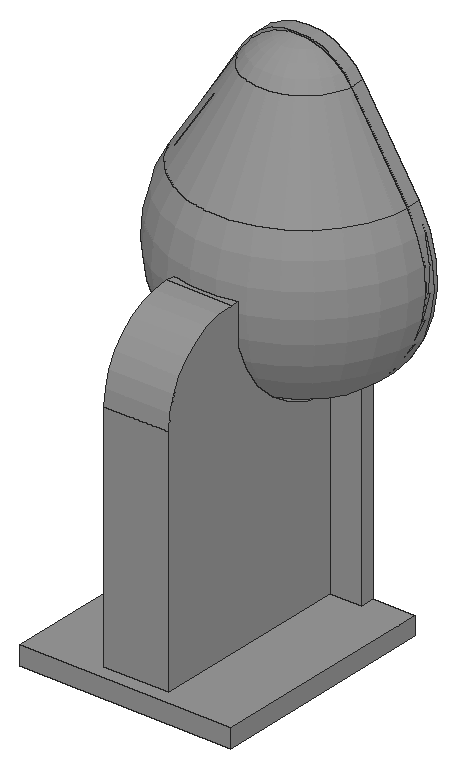
Revit family "Toilet-Willoughby-1490-HET-ETWS-CM-TS", category Plumbing Fixtures, host Face, Revit 2014
Parameters (values of type "Standard")
  Waste DIA = 2 1/2"
  Waste Connection = yes
  W-RAD [instance] = Waste DIA / 2  # 0' - 1 1/4"
  Vent Connection = no
  URL = "www.willoughby-ind.com"
  Type Comments = "Siphon Jet Flush"
  Revision = "A"
  Model = "ETWS-1490-HET-CM-TS"
  Manufacturer = "Willoughby Industries"
  HW Connection = no
  Flush inlet DIA = 1 1/2"
  Flush Inlet Connection = yes
  Fixture Body = Stainless Steel AISI 304-Willoughby
  F-RAD [instance] = Flush inlet DIA / 2  # 0' - 0 3/4"
  Description = "Carrier Mounted Toilet"
  Default Elevation = 0' - 0"
  Contact Number = "(800) 428-4065"
  CW Connection = no
Reference planes (in)
  plane 1 "Base": y = -16.25
  plane 2: z = 0
  plane 3 "Center": x = 18.31072
  plane 4 "Seat HGT": y = -1.25
  plane 5: y = -2.125
  plane 6: x = 16.56072
  plane 7: x = 20.06072
  plane 8: x = 12.56072
  plane 9: x = 24.06072
  plane 10: z = 2.70924
  plane 11: y = -10.75
  plane 12 "Unit Base Off Floor": y = -13.75
Forms (in)
  Extrusion 1, solid, material "Stainless Steel AISI 304-Willoughby" <- "Fixture Body"
    sketch origin (16.08109, 7.47968, -5.1422) x (-1, 0, 0) y (0, 0, -1)
      loop
        line (1.29775, -16.80087) -> (1.29775, -6.1422) -> (-5.72963, -6.1422) -> (-5.72963, -16.81676)
        arc (-5.72963, -16.81676) -> (-8.98136, -21.11843) -> (-8.21015, -26.45542) r 7
        line (-8.21015, -26.45542) -> (-5.16818, -31.31054)
        arc (-5.16818, -31.31054) -> (-2.20225, -32.95225) -> (0.76368, -31.31054) r 3.5
        line (0.76368, -31.31054) -> (3.80565, -26.45542)
        arc (3.80565, -26.45542) -> (4.5729, -21.10311) -> (1.29775, -16.80087) r 7
      loop
        arc (2.03989, -24.70557) -> (-2.20225, -18.23804) -> (-6.44438, -24.70557) r 4.625
        line (-6.44438, -24.70557) -> (-4.04125, -30.23842)
        arc (-4.04125, -30.23842) -> (-2.20225, -31.45225) -> (-0.36324, -30.23842) r 2
        line (-0.36324, -30.23842) -> (2.03989, -24.70557)
    from 8.72968 to 9.5
  Revolve 2, solid, material "Stainless Steel AISI 304-Willoughby" <- "Fixture Body"
    sketch origin (19.37246, -1.52032, -1.93826) x (-1, 0, 0) y (0, 0, -1)
      loop
        line (1.06174, -12.59906) -> (1.06174, -12.84906)
        arc (1.06174, -12.84906) -> (6.96784, -16.33096) -> (6.78077, -23.18447) r 6.75
        line (6.78077, -23.18447) -> (3.81535, -27.91457)
        arc (3.81535, -27.91457) -> (2.63527, -29.03194) -> (1.06174, -29.43826) r 3.25
        line (1.06174, -29.43826) -> (1.06174, -29.68826)
        arc (1.06174, -29.68826) -> (2.75672, -29.25045) -> (4.02767, -28.04656) r 3.5
        line (4.02767, -28.04656) -> (7.06964, -23.19143)
        arc (7.06964, -23.19143) -> (7.15052, -16.14555) -> (1.06174, -12.59906) r 7
      axis (1.06174, -12.59906) -> (1.06174, -29.68826)
    angle from 0 to -180
  Extrusion 3, solid, material "Stainless Steel AISI 304-Willoughby" <- "Fixture Body"
    sketch origin (19.53334, -3.02032, -2.9508) x (0, 1, 0) y (0, 0, 1)
      loop
        line (-5.27082, 3.9508) -> (1, 3.9508) -> (1, 13.76086)
        arc (1, 13.76086) -> (-2.93256, 15.26109) -> (-5.27082, 18.76086) r 6.92744
        line (-5.27082, 18.76086) -> (-5.27082, 3.9508)
    from 0.52738 to -2.97262
  Extrusion 4, solid, material "Stainless Steel AISI 304-Willoughby" <- "Fixture Body"
    sketch origin (17.03334, 25.15042, -2.30581) x (0, 1, 0) y (0, 0, 1)
      loop
        line (-33.44156, 3.30581) -> (-33.44156, 20.30581) -> (-33.87467, 20.30581)
        arc (-33.87467, 20.30581) -> (-36.89808, 19.05347) -> (-38.15042, 16.03006) r 4.27575
        line (-38.15042, 16.03006) -> (-38.15042, 3.30581) -> (-33.44156, 3.30581)
    from -0.47262 to 3.02738
  Extrusion 5, solid, material "Stainless Steel AISI 304-Willoughby" <- "Fixture Body"
    sketch origin (4.30355, 0.58522, 0) x (1, 0, 0) y (0, 1, 0)
      loop
        circle (14.00717, -11.33522) r 1.25
    from 5.5 to 0
  Extrusion 6, solid, material "Stainless Steel AISI 304-Willoughby" <- "Fixture Body"
    sketch origin (0, 1.11185, 0) x (1, 0, 0) y (0, 0, 1)
      loop
        circle (18.31072, 2.70924) r 0.75
    from 2.36185 to 1.42435
  Extrusion 7, solid, material "Stainless Steel AISI 304-Willoughby" <- "Fixture Body"
    sketch origin (0, -16.25, 0) x (1, 0, 0) y (0, 0, 1)
      loop
        line (24.06072, 0) -> (24.06072, 1) -> (12.56072, 1) -> (12.56072, 0) -> (24.06072, 0)
    from -15 to -2.5
Cuts and joins
  joined: Extrusion 1, Extrusion 3, Extrusion 4, Extrusion 7
Lines and regions (in)
  symbolic lines
    curve 1: line (11.28334, -2.02032, 0) -> (11.28334, -1.25, 0)
    curve 2: line (11.28334, -1.25, 0) -> (25.28334, -1.25, 0)
    curve 3: line (25.28334, -1.25, 0) -> (25.28334, -2.02032, 0)
    curve 4: arc (25.28334, -2.02032, 0) -> (23.08266, -6.65003, 0) -> (18.31072, -8.52239, 0) r 6.96973
    curve 5: arc (18.31072, -8.52239, 0) -> (13.52873, -6.64212, 0) -> (11.28334, -2.02032, 0) r 7.06901
    curve 6: line (20.06072, -8.30394, 0) -> (20.06072, -13, 0)
    curve 7: line (20.06072, -13, 0) -> (16.56072, -13, 0)
    curve 8: line (16.56072, -13, 0) -> (16.56072, -8.29753, 0)
    curve 9: line (24.06072, -5.51856, 0) -> (24.06072, -13.75, 0)
    curve 10: line (24.06072, -13.75, 0) -> (12.56072, -13.75, 0)
    curve 11: line (12.56072, -13.75, 0) -> (12.56072, -5.53889, 0)
    curve 12: line (14.78334, -16.25, 11.65867) -> (14.78334, -16.25, 1)
    curve 13: line (14.78334, -16.25, 1) -> (12.56072, -16.25, 1)
    curve 14: line (12.56072, -16.25, 1) -> (12.56072, -16.25, 0)
    curve 15: line (12.56072, -16.25, 0) -> (24.06072, -16.25, 0)
    curve 16: line (24.06072, -16.25, 0) -> (24.06072, -16.25, 1)
    curve 17: line (24.06072, -16.25, 1) -> (21.81072, -16.25, 1)
    curve 18: line (21.81072, -16.25, 1) -> (21.81072, -16.25, 11.67456)
    curve 19: arc (21.81072, -16.25, 11.67456) -> (25.08976, -16.25, 15.93365) -> (24.31862, -16.25, 21.25317) r 6.90089
    curve 20: line (24.31862, -16.25, 21.25317) -> (21.25205, -16.25, 26.1639)
    curve 21: arc (21.25205, -16.25, 26.1639) -> (19.98062, -16.25, 27.37097) -> (18.28334, -16.25, 27.81005) r 3.5
    curve 22: arc (18.28334, -16.25, 27.81005) -> (16.58835, -16.25, 27.37224) -> (15.31741, -16.25, 26.16835) r 3.5
    curve 23: line (15.31741, -16.25, 26.16835) -> (12.34391, -16.25, 21.32101)
    curve 24: arc (12.34391, -16.25, 21.32101) -> (11.52805, -16.25, 15.97592) -> (14.78334, -16.25, 11.65867) r 6.9627
    curve 30: line (18.31072, -1.25, 1) -> (18.31072, -13.75, 1)
    curve 31: line (18.31072, -13.75, 1) -> (18.31072, -13.75, 0)
    curve 32: line (18.31072, -13.75, 0) -> (18.31072, -1.25, 0)
    curve 33: line (18.31072, -1.25, 0) -> (18.31072, -1.25, 27.81005)
    curve 34: line (18.31072, -1.25, 27.81005) -> (18.31072, -2.02032, 27.81005)
    curve 35: arc (18.31072, -2.02032, 27.81005) -> (18.31072, -3.31247, 27.27517) -> (18.31072, -4.32667, 26.31229) r 3.83233
    curve 36: line (18.31072, -4.32667, 26.31229) -> (18.31072, -7.52822, 21.25317)
    curve 37: arc (18.31072, -7.52822, 21.25317) -> (18.31072, -8.24035, 19.69354) -> (18.31072, -8.50769, 18) r 6.3284
    curve 38: line (18.31072, -8.29114, 18) -> (18.31072, -8.72425, 18)
    curve 39: arc (18.31072, -8.72425, 18) -> (18.31072, -11.74766, 16.74766) -> (18.31072, -13, 13.72425) r 4.27575
    curve 40: line (18.31072, -13, 13.72425) -> (18.31072, -13, 1)
    curve 41: line (18.31072, -2.02032, 1) -> (18.31072, -2.02032, 11.75)
    curve 42: line (18.31072, -2.02032, 11.75) -> (18.31072, -1.25, 11.75)
    curve 43: arc (18.31072, -2.02032, 10.81005) -> (18.31072, -5.95289, 12.31029) -> (18.31072, -8.29114, 15.81005) r 6.92744
    curve 44: line (18.31072, -8.29114, 15.81005) -> (18.31072, -8.29114, 18)
  symbolic lines, detail levels fine
    curve 25: arc (20.11778, -16.25, 25.10681) -> (19.38026, -16.25, 25.9824) -> (18.28334, -16.25, 26.31005) r 2
    curve 26: arc (18.28334, -16.25, 26.31005) -> (17.1816, -16.25, 25.97923) -> (16.44433, -16.25, 25.09622) r 2
    curve 27: line (16.44433, -16.25, 25.09622) -> (14.0412, -16.25, 19.56337)
    curve 28: arc (14.0412, -16.25, 19.56337) -> (18.28332, -16.25, 13.09585) -> (22.52548, -16.25, 19.56335) r 4.625
    curve 29: line (22.52548, -16.25, 19.56335) -> (20.11778, -16.25, 25.10681)
Dimensions and locks (in)
  plane 1 "Base" to plane 4 "Seat HGT" = 1' - 3"
  plane 1 "Base" to plane 11 = 0' - 5 1/2"
  plane 9 to plane 8 = 0' - 11 1/2"
  "W-RAD": radius of Extrusion 5 sketch curve
  "F-RAD": radius of Extrusion 6 sketch curve
  aligned and locked: plane 2 to host face
  aligned and locked: level to host face
  aligned and locked: plane 3 "Center" to Extrusion 6 sketch curve
  aligned and locked: plane 10 to Extrusion 6 sketch curve
  aligned and locked: plane 11 to Extrusion 5 sketch curve
  aligned and locked: plane 3 "Center" to Extrusion 5 sketch curve
  aligned and locked: cut or joined group of Extrusion 1, Extrusion 3, Extrusion 4, Extrusion 7 to level
  aligned and locked: plane 4 "Seat HGT" to cut or joined group of Extrusion 1, Extrusion 3, Extrusion 4, Extrusion 7
Automatic sketch dimensions
  host sketch curve to host sketch curve = 3' - 5.88391"
  host sketch curve to host sketch curve = 3' - 7.61225"
  Extrusion 1 sketch curve to Extrusion 1 sketch curve = 0' - 0"  (x8)
  level to Extrusion 1 sketch curve = 0' - 1"
  plane 3 "Center" to Extrusion 1 sketch curve = 0' - 5.98052"
  Extrusion 1 sketch curve to Extrusion 1 sketch curve = 0' - 1.76576"  (x2)
  plane 3 "Center" to Extrusion 1 sketch curve = 0' - 3 1/2"
  plane 3 "Center" to Extrusion 1 sketch curve = 0' - 2.93855"
  Extrusion 1 sketch curve to Extrusion 1 sketch curve = 0' - 1.12693"  (x2)
  Extrusion 1 sketch curve to plane 3 "Center" = 0' - 0.02738"  (x2)
  Extrusion 1 sketch curve to plane 3 "Center" = 0' - 1.86639"
  Extrusion 1 sketch curve to plane 3 "Center" = 0' - 3.52738"
  Extrusion 1 sketch curve to plane 3 "Center" = 0' - 4 69/256"
  Extrusion 1 sketch curve to Extrusion 1 sketch curve = 0' - 10.65867"
  Extrusion 1 sketch curve to Extrusion 1 sketch curve = 0' - 0.01589"
  Extrusion 1 sketch curve to Extrusion 1 sketch curve = 0' - 6.06218"
  Extrusion 1 sketch curve to Extrusion 1 sketch curve = 0' - 1.74985"
  Extrusion 1 sketch curve to Extrusion 1 sketch curve = 0' - 4.74668"
  Extrusion 1 sketch curve to Extrusion 1 sketch curve = 0' - 0.78617"
  Extrusion 1 sketch curve to Extrusion 1 sketch curve = 0' - 1.07212"
  Revolve 2 sketch curve to Revolve 2 sketch curve = 0' - 0"  (x2)
  Revolve 2 sketch curve to plane 3 "Center" = 0' - 0"  (x3)
  plane 3 "Center" to Revolve 2 sketch curve = 0' - 0"
  Revolve 2 sketch curve to plane 3 "Center" = 0' - 2.75361"
  Revolve 2 sketch curve to Revolve 2 sketch curve = 0' - 0.21232"
  Revolve 2 sketch curve to Revolve 2 sketch curve = 0' - 2.96542"
  Revolve 2 sketch curve to Revolve 2 sketch curve = 0' - 0.28887"
  level to Revolve 2 sketch curve = 2' - 3 3/4"
  Revolve 2 sketch curve to Revolve 2 sketch curve = 0' - 0 1/4"
  Revolve 2 sketch curve to Revolve 2 sketch curve = 0' - 1.3917"
  Revolve 2 sketch curve to Revolve 2 sketch curve = 0' - 0.13199"
  Revolve 2 sketch curve to Revolve 2 sketch curve = 0' - 4.85513"
  Revolve 2 sketch curve to Revolve 2 sketch curve = 0' - 0.00696"
  Revolve 2 sketch curve to Revolve 2 sketch curve = 0' - 3 1/4"
  Revolve 2 sketch curve to Revolve 2 sketch curve = 0' - 3.3392"
  Revolve 2 sketch curve to Revolve 2 sketch curve = 0' - 2.4108"
  level to Extrusion 3 sketch curve = 0' - 1"
  plane 5 to Extrusion 3 sketch curve = 0' - 0.10468"
  plane 4 "Seat HGT" to Extrusion 3 sketch curve = 0' - 0.38413"
  Extrusion 3 sketch curve to Extrusion 3 sketch curve = 0' - 9.81005"
  Extrusion 3 sketch curve to Extrusion 3 sketch curve = 0' - 5"
  level to Extrusion 4 sketch curve = 0' - 1"
  Extrusion 4 sketch curve to Extrusion 4 sketch curve = 0' - 0.43311"
  Extrusion 4 sketch curve to Extrusion 4 sketch curve = 1' - 0.72425"
  Extrusion 7 sketch curve to plane 8 = 0' - 0"
  Extrusion 7 sketch curve to plane 9 = 0' - 0"
  Extrusion 7 sketch curve to level = 0' - 0"
  level to Extrusion 7 sketch curve = 0' - 1"
  Extrusion 3 sketch curve to Extrusion 3 sketch curve = 0' - 6.27082"
  Extrusion 4 sketch curve to plane 1 "Base" = 0' - 3 1/4"
  Extrusion 4 sketch curve to plane 11 = 0' - 2.02575"
  plane 4 "Seat HGT" to curve 1 = 0' - 0"
  curve 10 to plane 8 = 0' - 0"
  curve 7 to plane 6 = 0' - 0"
  curve 4 to plane 3 "Center" = 0' - 0"
  curve 5 to plane 3 "Center" = 0' - 0"
  curve 6 to plane 7 = 0' - 0"
  curve 9 to plane 9 = 0' - 0"
  curve 11 to plane 12 "Unit Base Off Floor" = 0' - 0"
  plane 5 to curve 1 = 0' - 0.10468"
  curve 1 to plane 8 = 0' - 1.27738"
  plane 3 "Center" to curve 4 = 0' - 0.0186"
  plane 3 "Center" to curve 5 = 0' - 0.01886"
  curve 9 to curve 3 = 0' - 1.22262"
  plane 12 "Unit Base Off Floor" to curve 8 = 0' - 0 3/4"
  plane 5 to curve 3 = 0' - 0.10468"
  curve 21 to curve 25 = 0' - 0"
  curve 21 to curve 26 = 0' - 0"
  curve 22 to curve 25 = 0' - 0"
  curve 25 to curve 26 = 0' - 0"
  curve 14 to level = 0' - 0"
  curve 14 to plane 8 = 0' - 0"
  curve 16 to plane 9 = 0' - 0"
  curve 23 to plane 8 = 0' - 0.21681"
  plane 8 to curve 27 = 0' - 1 123/256"
  curve 12 to plane 6 = 0' - 1.77738"
  curve 23 to plane 6 = 0' - 1.24331"
  curve 27 to plane 6 = 0' - 0.11639"
  curve 24 to plane 3 "Center" = 0' - 0.0318"
  curve 25 to plane 3 "Center" = 0' - 0.02738"
  curve 28 to plane 3 "Center" = 0' - 0.02738"
  plane 3 "Center" to curve 19 = 0' - 0.10317"
  plane 7 to curve 20 = 0' - 1.19133"
  plane 7 to curve 18 = 0' - 1 3/4"
  plane 9 to curve 20 = 0' - 0.2579"
  level to curve 13 = 0' - 1"
  level to curve 18 = 0' - 1"
  plane 10 to curve 12 = 0' - 8.94943"
  curve 12 to curve 18 = 0' - 0.01589"
  curve 24 to curve 24 = 0' - 6.02163"
  curve 24 to curve 19 = 0' - 0.00124"
  curve 24 to curve 28 = 0' - 0.04055"
  curve 27 to curve 23 = 0' - 1.75764"
  curve 28 to curve 26 = 0' - 4.74668"
  curve 25 to curve 27 = 0' - 0.78617"
  curve 20 to curve 25 = 0' - 0.14615"
  plane 7 to curve 29 = 0' - 0.05706"
  curve 29 to plane 9 = 0' - 1.53524"
  curve 30 to plane 12 "Unit Base Off Floor" = 0' - 0"
  curve 42 to plane 4 "Seat HGT" = 0' - 0"
  curve 33 to level = 0' - 0"
  plane 12 "Unit Base Off Floor" to curve 40 = 0' - 0 3/4"
  curve 38 to plane 11 = 0' - 2.02575"
  curve 36 to plane 11 = 0' - 3.22178"
  curve 36 to plane 5 = 0' - 2.20167"
  curve 37 to plane 5 = 0' - 0.05565"
  plane 5 to curve 42 = 0' - 0.10468"
  plane 5 to curve 34 = 0' - 0.10468"
  plane 4 "Seat HGT" to curve 43 = 0' - 0.38413"
  curve 35 to plane 4 "Seat HGT" = 0' - 0.02477"
  level to curve 31 = 0' - 1"
  plane 10 to curve 41 = 0' - 9.04076"
  curve 41 to curve 39 = 0' - 1.97425"
  curve 42 to curve 43 = 0' - 5.97672"
  curve 43 to curve 37 = 0' - 0.14236"
  curve 38 to curve 36 = 0' - 3.25317"
  curve 37 to curve 35 = 0' - 6.19203"
  curve 35 to curve 36 = 0' - 2.25119"
  curve 39 to curve 43 = 0' - 0.43311"
  curve 43 to curve 41 = 0' - 0.93995"
Connectors (in)
  piping at (18.31072, -10.75, 0), diameter 2.5, driven by "W-RAD", driven by "Waste Connection"
    settings: on Extrusion 5, index 1, connector inside diameter 2 1/2", connector length 0' - 0", flow factor 0, pipe flow 0 GPM, pressure drop 0.00 psi, fitting loss kfactor 0, connector angle 0.00°, fixture units 0, engagement length 0' - 0", angle of deflection 0.00°, flow configuration 0, flow direction 2, fitting loss method 0, system type 16, joint type 0, gender type 0, connector reference index -1, connector utility 1, adjustable connector yes, is connector primary yes, connector description "Toilet Waste"
  piping at (18.31072, -0.3125, 2.70924), diameter 1.5, driven by "F-RAD", driven by "CW Connection"
    settings: on Extrusion 6, index 2, connector inside diameter 1 1/2", connector length 0' - 0", flow factor 0, pipe flow 0 GPM, pressure drop 0.00 psi, fitting loss kfactor 0, connector angle 0.00°, fixture units 0, engagement length 0' - 0", angle of deflection 0.00°, flow configuration 0, flow direction 1, fitting loss method 0, system type 20, joint type 0, gender type 0, connector reference index -1, connector utility 0, adjustable connector no, is connector primary no, connector description "Flush Inlet"
